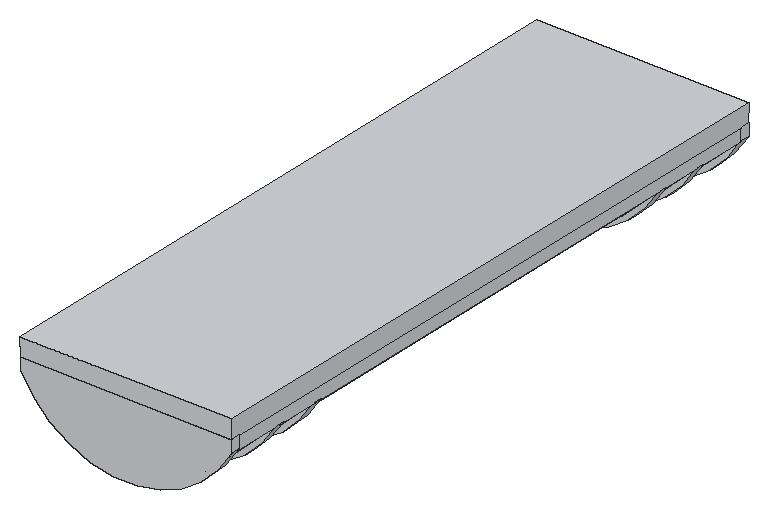
Revit family "7329", category Lighting Fixtures, Revit 2016
Family settings
  Part Type = Normal
  Round Connector Dimension = Use Diameter
  OmniClass Number = 23.80.70.00
  OmniClass Title = Lighting
  Work Plane-Based = No
  Always vertical = Yes
  Cut with Voids When Loaded = No
  Light Source = Yes
  Shared = No
  Room Calculation Point = No
Parameters
  Wattage = 12.1178 W
  built-in parameter 1150110 = 1 (stored number, unit not read)
  built-in parameter 1114217 = 1 (stored number, unit not read)
  built-in parameter 1150109 = 1 (stored number, unit not read)
  built-in parameter 1150134 = (empty or 0)
  built-in parameter 1150113 = 1 (stored number, unit not read)
  Lumens = 1800 lm
  built-in parameter 1150115 = 1 (stored number, unit not read)
  built-in parameter 1150105 = 143.24 (stored number, unit not read)
  Light Source Symbol Size = 2' - 0"
  built-in parameter 1150137 = (empty or 0)
  built-in parameter 1150139 = (empty or 0)
  built-in parameter 1150112 = 1 (stored number, unit not read)
  built-in parameter 1150114 = 1 (stored number, unit not read)
  built-in parameter 1150132 = 2
  built-in parameter 1150102 = (empty or 0)
  built-in parameter 1150138 = (empty or 0)
  built-in parameter 1150107 = 3000 (stored number, unit not read)
  built-in parameter 1150106 = 1.4324 (stored number, unit not read)
  Emit from Circle Diameter = 2' - 0"
  Emit Shape Visible in Rendering = no
  built-in parameter 1150104 = 13.8 (stored number, unit not read)
  Dimming Lamp Color Temperature Shift = (empty or 0)
  Color Filter = 16777215
  built-in parameter 1114218 = 1 (stored number, unit not read)
  built-in parameter 1150133 = 10 (stored number, unit not read)
Reference planes (in)
  plane 1 "Light Source Axis (F/B)": y = 0
  plane 2: z = -11
  plane 3 "Light Source Axis (L/R)": x = 0
  plane 4 "Light Source Elevation": z = -13.75
  plane 5: y = 13
  plane 6: y = 12.625
  plane 7: x = -0.1875
  plane 8: y = 10.375
  plane 9: y = 8.875
Forms (in)
  Extrusion 1, solid
    sketch origin (0, -0.08746, -11) x (1, 0, 0) y (0, 1, 0)
      loop
        line (-4.25, 13.08746) -> (-4.25, -12.91254) -> (4.25, -12.91254) -> (4.25, 13.08746) -> (-4.25, 13.08746)
    from 0 to 0.75115
  Extrusion 2, solid
    sketch origin (0, 13, -10.07805) x (0, 0, 1) y (-1, 0, 0)
      loop
        line (-0.9, -4.25) -> (-0.9, 4.25) -> (-1.4, 4.25)
        arc (-1.4, 4.25) -> (-3.92195, 0) -> (-1.4, -4.25) r 4.84204
        line (-1.4, -4.25) -> (-0.9, -4.25)
    from 0 to 0.375
  Extrusion 3, solid
    sketch origin (0, 12.625, -10.97805) x (0, 0, 1) y (-1, 0, 0)
      loop
        line (-0.02195, -4.2495) -> (-0.02195, -4) -> (-0.52195, -4) -> (-0.52195, -4.2495) -> (-0.02195, -4.2495)
    from 0 to 25.25
  Extrusion 4, solid
    sketch origin (0, -13, -10.07805) x (0, 0, 1) y (1, 0, 0)
      loop
        line (-0.9, 4.25) -> (-1.4, 4.25)
        arc (-1.4, 4.25) -> (-3.92195, 0) -> (-1.4, -4.25) r 4.84204
        line (-1.4, -4.25) -> (-0.9, -4.25) -> (-0.9, 4.25)
    from 0 to 0.375
  Extrusion 5, solid
    sketch origin (0, 12.625, -10.97805) x (0, 0, 1) y (-1, 0, 0)
      loop
        line (-0.02195, 4.2495) -> (-0.52195, 4.2495) -> (-0.52195, 4) -> (-0.02195, 4) -> (-0.02195, 4.2495)
    from 0 to 25.25
  Extrusion 6, solid, material "Brownlee Acrylic"
    sketch origin (0, 0, 0) x (1, 0, 0) y (0, 0, 1)
      loop
        line (-4, -11) -> (-4, -11.5)
        arc (-4, -11.5) -> (0, -13.81888) -> (4, -11.5) r 4.60938
        line (4, -11.5) -> (4, -11) -> (-4, -11)
    from -12.625 to 12.625
  Extrusion 7, solid
    sketch origin (0, 10.375, -13.75) x (0, 0, -1) y (-1, 0, 0)
      loop
        arc (-2.25, -4.23795) -> (0.25, 0) -> (-2.25, 4.23795) r 4.84204
        line (-2.25, 4.23795) -> (-2.25, 4)
        arc (-2.25, 4) -> (0.06888, 0) -> (-2.25, -4) r 4.60938
        line (-2.25, -4) -> (-2.25, -4.23795)
    from 0 to 0.375
  Extrusion 8, solid
    sketch origin (0, 8.875, -10.24885) x (0, 0, 1) y (-1, 0, 0)
      loop
        line (-1.25115, -4.23795) -> (-1.25115, -4)
        arc (-1.25115, -4) -> (-3.57003, 0) -> (-1.25115, 4) r 4.60938
        line (-1.25115, 4) -> (-1.25115, 4.23795)
        arc (-1.25115, 4.23795) -> (-3.75115, 0) -> (-1.25115, -4.23795) r 4.84204
    from 0 to 0.375
  Extrusion 9, solid
    sketch origin (0, -10.375, -13.75) x (0, 0, -1) y (1, 0, 0)
      loop
        line (-2.25, 4.23795) -> (-2.25, 4)
        arc (-2.25, 4) -> (0.06888, 0) -> (-2.25, -4) r 4.60938
        line (-2.25, -4) -> (-2.25, -4.23795)
        arc (-2.25, -4.23795) -> (0.25, 0) -> (-2.25, 4.23795) r 4.84204
    from 0 to 0.375
  Extrusion 10, solid
    sketch origin (0, -8.875, -10.24885) x (0, 0, 1) y (1, 0, 0)
      loop
        arc (-1.25115, 4.23795) -> (-3.75115, 0) -> (-1.25115, -4.23795) r 4.84204
        line (-1.25115, -4.23795) -> (-1.25115, -4)
        arc (-1.25115, -4) -> (-3.57003, 0) -> (-1.25115, 4) r 4.60938
        line (-1.25115, 4) -> (-1.25115, 4.23795)
    from 0 to 0.375
Lines and regions (in)
  model lines
    curve 1: line (4.23795, 8.875, -11.5) -> (4, 8.875, -11.5)
Dimensions and locks (in)
  aligned and locked: level to plane 2
